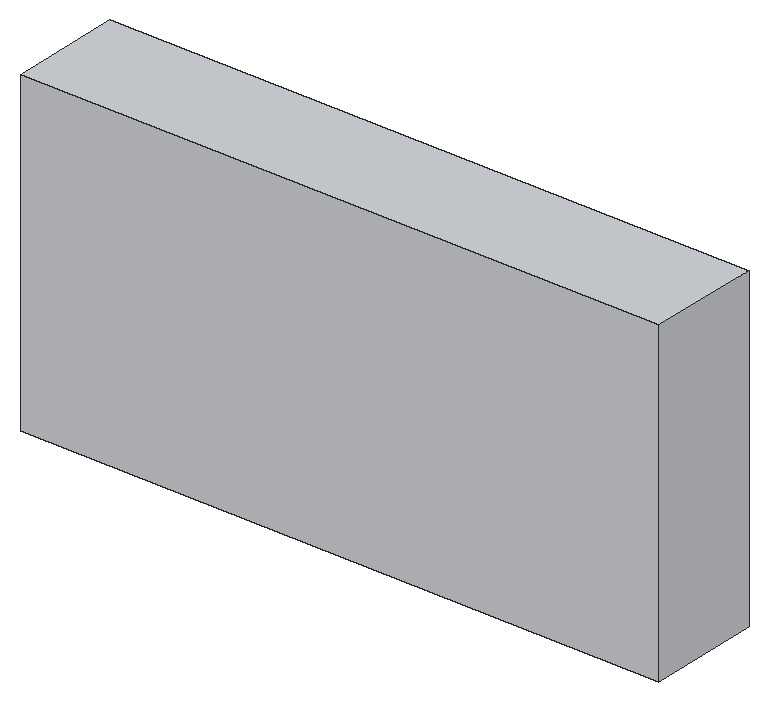
Revit family
Parameters
  Sign Thickness = 70 mm
  Height = 2200 mm
Reference planes
  plane 1 "Center (Front/Back)": y = -198
  plane 2: z = 0
  plane 3 "Center (Left/Right)": x = 0
  plane 4: z = 2200
  plane 5: y = -128
Forms (mm)
  Extrusion 1, solid
    sketch origin (0, -198, 0) x (1, 0, 0) y (0, 0, 1)
      loop
        line (200, 2100) -> (200, 2300) -> (-200, 2300) -> (-200, 2100) -> (200, 2100)
    from 0 to -70
Lines and regions (mm)
  model lines, style "Signage"
    curve 1: line (-186.667, -198, 2286.667) -> (186.667, -198, 2286.667)
    curve 2: line (186.667, -198, 2286.667) -> (186.667, -198, 2113.333)
    curve 3: line (186.667, -198, 2113.333) -> (-186.667, -198, 2113.333)
    curve 4: line (161.521, -198, 2150.712) -> (161.521, -198, 2162.191)
    curve 5: line (161.521, -198, 2162.191) -> (127.059, -198, 2162.191)
    curve 6: line (112.277, -198, 2150.712) -> (161.521, -198, 2150.712)
    curve 7: line (112.277, -198, 2177.529) -> (112.277, -198, 2150.712)
    curve 8: line (87.618, -198, 2165.311) -> (110.355, -198, 2177.529)
    curve 9: line (87.618, -198, 2133.972) -> (87.618, -198, 2165.311)
    curve 10: line (74.498, -198, 2133.972) -> (87.618, -198, 2133.972)
    curve 11: line (74.498, -198, 2173.336) -> (74.498, -198, 2133.972)
    curve 12: line (100.728, -198, 2187.432) -> (74.498, -198, 2173.336)
    curve 13: line (87.703, -198, 2210.397) -> (100.728, -198, 2187.432)
    curve 14: line (87.703, -198, 2210.397) -> (87.703, -198, 2196.317)
    curve 15: line (46.399, -198, 2196.317) -> (87.703, -198, 2196.317)
    curve 16: line (46.399, -198, 2206.235) -> (46.399, -198, 2196.317)
    curve 17: line (46.399, -198, 2206.235) -> (75.284, -198, 2206.235)
    curve 18: line (75.284, -198, 2230.094) -> (75.284, -198, 2206.235)
    curve 19: arc (96.01, -198, 2240.796) -> (87.517, -198, 2231.823) -> (75.284, -198, 2230.094) r 18.724
    curve 20: line (130.253, -198, 2240.796) -> (96.01, -198, 2240.796)
    curve 21: line (144.258, -198, 2214.764) -> (130.253, -198, 2240.796)
    curve 22: line (144.258, -198, 2214.764) -> (144.258, -198, 2207.491)
    curve 23: line (144.258, -198, 2207.491) -> (134.668, -198, 2207.491)
    curve 24: line (134.668, -198, 2207.491) -> (122.065, -198, 2230.919)
    curve 25: line (104.022, -198, 2230.919) -> (122.065, -198, 2230.919)
    curve 26: line (127.059, -198, 2190.3) -> (104.022, -198, 2230.919)
    curve 27: line (127.059, -198, 2162.191) -> (127.059, -198, 2190.3)
    curve 28: arc (63.758, -198, 2248.46) -> (78.927, -198, 2263.629) -> (94.095, -198, 2248.46) r 15.168
    curve 29: arc (94.095, -198, 2248.46) -> (78.927, -198, 2233.292) -> (63.758, -198, 2248.46) r 15.168
    curve 30: line (-96.822, -198, 2133.972) -> (-96.822, -198, 2263.629)
    curve 31: line (-96.822, -198, 2263.629) -> (-166.312, -198, 2263.629)
    curve 32: line (-166.312, -198, 2263.629) -> (-166.312, -198, 2133.972)
    curve 33: line (-166.312, -198, 2133.972) -> (-96.822, -198, 2133.972)
    curve 34: line (-87.643, -198, 2183.578) -> (-65.468, -198, 2166.638)
    curve 35: line (-65.468, -198, 2200.518) -> (-87.643, -198, 2183.578)
    curve 36: line (42.014, -198, 2189.233) -> (-65.468, -198, 2189.233)
    curve 37: line (-65.468, -198, 2189.233) -> (-65.468, -198, 2200.518)
    curve 38: line (-65.468, -198, 2166.638) -> (-65.468, -198, 2177.924)
    curve 39: line (-65.468, -198, 2177.924) -> (42.014, -198, 2177.924)
    curve 40: line (42.014, -198, 2189.233) -> (42.014, -198, 2177.924)
    curve 41: line (-186.667, -198, 2286.667) -> (-186.667, -198, 2113.333)
  symbolic lines, style "2D Signage Placement Lines"
    curve 42: line (-150, -128, 0) -> (150, -128, 0)
    curve 43: line (0, -128, 0) -> (0, -278, 0)
Dimensions and locks
  "Height": plane 4 to level
  "Sign Thickness": plane 1 "Center (Front/Back)" to plane 5
  aligned and locked: plane 1 "Center (Front/Back)" to Extrusion 1
  aligned and locked: Extrusion 1 to plane 5
Automatic sketch dimensions
  plane 4 to Extrusion 1 sketch curve = 100 mm
  Extrusion 1 sketch curve to plane 3 "Center (Left/Right)" = 200 mm
  plane 3 "Center (Left/Right)" to Extrusion 1 sketch curve = 200 mm
  Extrusion 1 sketch curve to plane 4 = 100 mm
  curve 19 to curve 28 = 0 mm
  curve 19 to curve 29 = 0 mm
  plane 4 to curve 37 = 10.767 mm
  curve 37 to plane 3 "Center (Left/Right)" = 65.468 mm
  curve 38 to curve 36 = 0 mm
  plane 4 to curve 34 = 16.422 mm
  curve 34 to curve 36 = 22.174 mm
  curve 30 to curve 35 = 31.354 mm
  curve 31 to curve 30 = 69.49 mm
  curve 1 to curve 31 = 20.355 mm
  plane 3 "Center (Left/Right)" to curve 36 = 42.014 mm
  curve 17 to plane 4 = 6.235 mm
  curve 36 to curve 17 = 4.385 mm
  curve 16 to curve 28 = 17.359 mm
  curve 39 to curve 11 = 32.484 mm
  curve 29 to curve 18 = 11.526 mm
  curve 29 to curve 28 = 15.168 mm
  curve 11 to curve 9 = 13.121 mm
  plane 4 to curve 14 = 3.683 mm
  curve 17 to curve 14 = 12.419 mm
  curve 28 to curve 19 = 1.915 mm
  plane 4 to curve 13 = 12.568 mm
  curve 14 to curve 13 = 13.025 mm
  curve 19 to curve 25 = 8.012 mm
  plane 4 to curve 8 = 22.471 mm
  curve 12 to curve 8 = 9.627 mm
  curve 8 to curve 6 = 1.922 mm
  curve 24 to plane 4 = 30.919 mm
  curve 25 to curve 24 = 18.043 mm
  plane 4 to curve 27 = 9.7 mm
  curve 7 to curve 27 = 14.782 mm
  curve 24 to curve 20 = 8.188 mm
  curve 23 to plane 4 = 7.491 mm
  curve 26 to curve 23 = 7.609 mm
  curve 23 to curve 23 = 9.589 mm
  curve 5 to curve 5 = 34.462 mm
  curve 4 to curve 3 = 25.145 mm
  curve 12 to curve 14 = 22.98 mm
  curve 34 to curve 36 = 22.595 mm
  curve 9 to curve 11 = 8.026 mm
  plane 4 to curve 4 = 37.809 mm
  curve 4 to curve 4 = 11.479 mm
  curve 11 to curve 8 = 31.338 mm
  plane 4 to curve 32 = 66.028 mm
  curve 3 to curve 32 = 20.639 mm
  curve 7 to curve 8 = 0 mm
  curve 34 to curve 39 = 11.286 mm
  curve 35 to plane 4 = 0.518 mm
  curve 13 to plane 4 = 10.397 mm
  curve 22 to curve 22 = 7.273 mm
  curve 13 to curve 19 = 19.697 mm
  curve 24 to curve 20 = 9.877 mm
  curve 30 to plane 4 = 63.629 mm
  curve 31 to curve 1 = 23.038 mm
  curve 42 to plane 5 = 0 mm
  curve 43 to plane 3 "Center (Left/Right)" = 0 mm
  curve 42 to plane 3 "Center (Left/Right)" = 150 mm
  plane 3 "Center (Left/Right)" to curve 42 = 150 mm
  plane 1 "Center (Front/Back)" to curve 43 = 80 mm
